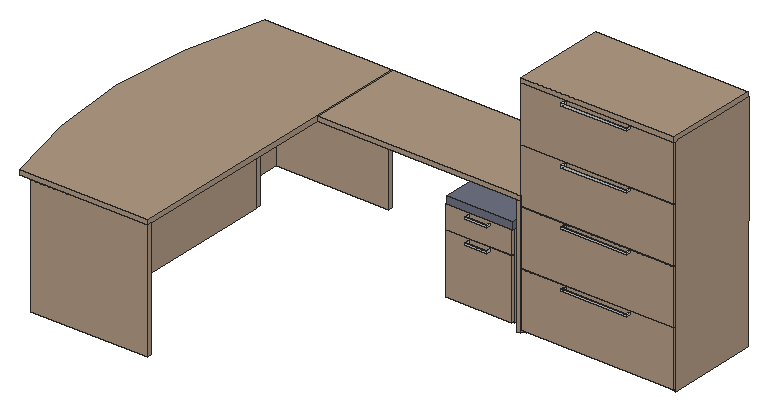
Revit family "T100065", category Furniture, Revit 2013
Parameters (values of type "T100065")
  Width = 72"
  URL = "http://www.ofsbrands.com/"
  Top Core Material = OFS BRANDS STACKS Top Core Wood
  Roll Material = OFS BRANDS STACKS Roll Plastic
  Pull Material = OFS BRANDS STACKS Pull Metal
  Model = "T100065"
  Manufacturer = "FIRST OFFICE"
  Lock Material = OFS BRANDS STACKSLock Metal
  Height = 54"
  Glides Material = OFS BRANDS STACKS Glide Plastic
  Feet Material = OFS BRANDS STACKS Feet Metal
  Drawer Front Material = OFS BRANDS STACKS Drawer Front Wood
  Description = "OFS BRANDS FIRST OFFICE STACKS TYPICAL T100065"
  Depth = 120"
  Cushion Material = OFS BRANDS STACKS Cushion Fabric
  Copyright © = "© 2018 OFS BRANDS"
  Conector Clip Material = OFS BRANDS STACKS Conector Clip Metal
  Chassis Material = OFS BRANDS STACKS Chassis Wood
  Catalog = "http://ofsbrands.com/products/casegoods/private-office/staks-private-office"
  Grommet  Material = OFS BRANDS STACKS Grommet Metal
  Back Coverage Material = OFS BRANDS STACKS Back Coverage Plastic
  Authoring Version = "Autodesk Revit Architecture 2013"
  Assembly Code = "E2020200"
Reference planes (in)
  plane 1 "Center (Front/Back)": y = 0
  plane 2: z = 0
  plane 3 "Center (Left/Right)": x = 0
Forms (in)
  Extrusion 1, solid, material "OFS BRANDS STACKS Drawer Front Wood" <- "Drawer Front Material"
    sketch origin (62.60439, 16.24707, -6.96875) x (1, 0, 0) y (0, 0, -1)
      loop
        line (-59.97733, -27.3125) -> (-44.47733, -27.3125) -> (-44.47733, -21.96875) -> (-59.97733, -21.96875) -> (-59.97733, -27.3125)
    from -1.3075 to -0.5575
  Extrusion 2, solid, material "OFS BRANDS STACKS Pull Metal" <- "Pull Material"
    sketch origin (47.43457, -14.24213, -9.537) x (1, 0, 0) y (0, 1, 0)
      loop
        line (-39.43501, 29.18171) -> (-39.68501, 29.18171) -> (-39.68501, 28.17671) -> (-34.43501, 28.17671) -> (-34.43501, 29.18171) -> (-34.68501, 29.18171) -> (-34.68501, 28.42671) -> (-39.43501, 28.42671) -> (-39.43501, 29.18171)
    from 28.9745 to 29.4745
  Extrusion 3, solid, material "OFS BRANDS STACKS Drawer Front Wood" <- "Drawer Front Material"
    sketch origin (62.60439, 16.24707, -12.4375) x (1, 0, 0) y (0, 0, -1)
      loop
        line (-59.97733, -27.3125) -> (-44.47733, -27.3125) -> (-44.47733, -13.1875) -> (-59.97733, -13.1875) -> (-59.97733, -27.3125)
    from -1.3075 to -0.5575
  Extrusion 4, solid, material "OFS BRANDS STACKS Pull Metal" <- "Pull Material"
    sketch origin (47.43457, -14.24213, -15.00575) x (1, 0, 0) y (0, 1, 0)
      loop
        line (-39.43501, 29.18171) -> (-39.68501, 29.18171) -> (-39.68501, 28.17671) -> (-34.43501, 28.17671) -> (-34.43501, 29.18171) -> (-34.68501, 29.18171) -> (-34.68501, 28.42671) -> (-39.43501, 28.42671) -> (-39.43501, 29.18171)
    from 28.9745 to 29.4745
  Extrusion 5, solid, material "OFS BRANDS STACKS Chassis Wood" <- "Chassis Material"
    sketch origin (24.29689, 34.62708, 0) x (1, 0, 0) y (0, 0, -1)
      loop
        line (-7.10733, -0.5) -> (-20.73233, -0.5) -> (-20.73233, -20.4375) -> (-7.10733, -20.4375) -> (-7.10733, -0.5)
    from -1.1875 to -0.1875
  Extrusion 6, solid, material "OFS BRANDS STACKS Chassis Wood" <- "Chassis Material"
    sketch origin (18.37705, 13.70724, 0) x (0, -1, 0) y (0, 0, -1)
      loop
        line (-1.98233, -0.5) -> (-20.73233, -0.5) -> (-20.73233, -20.4375) -> (-1.98233, -20.4375) -> (-1.98233, -0.5)
    from -1.1875 to -0.1875
  Extrusion 7, solid, material "OFS BRANDS STACKS Roll Plastic" <- "Roll Material"
    sketch origin (16.25108, 36.79335, 29.4745) x (0, 1, 0) y (0, 0, -1)
      loop
        circle (-19.32729, 28.53442) r 0.94008
    from -0.75 to 0.78386
  Extrusion 8, solid, material "OFS BRANDS STACKS Roll Plastic" <- "Roll Material"
    sketch origin (16.25108, 36.79335, 29.4745) x (0, 1, 0) y (0, 0, -1)
      loop
        arc (-18.30139, 28.55034) -> (-18.56665, 27.84584) -> (-19.24135, 27.51201) r 1.02602
        line (-19.24135, 27.51201) -> (-19.24135, 27.59827)
        arc (-19.24135, 27.59827) -> (-19.32729, 27.59434) -> (-19.41323, 27.59827) r 0.94008
        line (-19.41323, 27.59827) -> (-19.41323, 27.51201)
        arc (-19.41323, 27.51201) -> (-20.08257, 27.83996) -> (-20.35331, 28.53442) r 1.02602
        line (-20.35331, 28.53442) -> (-20.43925, 28.53442)
        arc (-20.43925, 28.53442) -> (-20.14338, 27.77914) -> (-19.41323, 27.42579) r 1.11196
        line (-19.41323, 27.42579) -> (-19.41323, 27.09434) -> (-19.24135, 27.09434) -> (-19.24135, 27.42579)
        arc (-19.24135, 27.42579) -> (-18.50581, 27.785) -> (-18.21545, 28.55034) r 1.11196
        line (-18.21545, 28.55034) -> (-18.30139, 28.55034)
    from -0.56728 to 0.61508
  Extrusion 9, solid, material "OFS BRANDS STACKS Cushion Fabric" <- "Cushion Material"
    sketch origin (29.27392, -28.63129, 18.9375) x (-1, 0, 0) y (0, 1, 0)
      loop
        line (26.70937, 43.69586) -> (26.70937, 63.07086) -> (11.08437, 63.07087) -> (11.08437, 43.69587) -> (26.70937, 43.69586)
    from -3 to -1.5
  Extrusion 10, solid, material "OFS BRANDS STACKS Roll Plastic" <- "Roll Material"
    sketch origin (4.52352, 36.79332, 29.4745) x (0, 1, 0) y (0, 0, 1)
      loop
        circle (-19.32729, -28.53442) r 0.94008
    from -0.75 to 0.78386
  Extrusion 11, solid, material "OFS BRANDS STACKS Roll Plastic" <- "Roll Material"
    sketch origin (4.52352, 36.79332, 29.4745) x (0, 1, 0) y (0, 0, 1)
      loop
        line (-18.30139, -28.55034) -> (-18.21545, -28.55034)
        arc (-18.21545, -28.55034) -> (-18.50581, -27.785) -> (-19.24135, -27.42579) r 1.11196
        line (-19.24135, -27.42579) -> (-19.24135, -27.09434) -> (-19.41323, -27.09434) -> (-19.41323, -27.42579)
        arc (-19.41323, -27.42579) -> (-20.14338, -27.77914) -> (-20.43925, -28.53442) r 1.11196
        line (-20.43925, -28.53442) -> (-20.35331, -28.53442)
        arc (-20.35331, -28.53442) -> (-20.08257, -27.83996) -> (-19.41323, -27.51201) r 1.02602
        line (-19.41323, -27.51201) -> (-19.41323, -27.59827)
        arc (-19.41323, -27.59827) -> (-19.32729, -27.59434) -> (-19.24135, -27.59827) r 0.94008
        line (-19.24135, -27.59827) -> (-19.24135, -27.51201)
        arc (-19.24135, -27.51201) -> (-18.56665, -27.84584) -> (-18.30139, -28.55034) r 1.02602
    from -0.56728 to 0.61508
  Extrusion 12, solid, material "OFS BRANDS STACKS Roll Plastic" <- "Roll Material"
    sketch origin (4.50303, 36.79335, 29.4745) x (0, 1, 0) y (0, 0, 1)
      loop
        circle (-19.32729, -28.53442) r 0.94008
    from -0.75 to 0.78386
  Extrusion 13, solid, material "OFS BRANDS STACKS Roll Plastic" <- "Roll Material"
    sketch origin (4.50303, 36.79335, 29.4745) x (0, 1, 0) y (0, 0, 1)
      loop
        line (-18.30139, -28.55034) -> (-18.21545, -28.55034)
        arc (-18.21545, -28.55034) -> (-18.50581, -27.785) -> (-19.24135, -27.42579) r 1.11196
        line (-19.24135, -27.42579) -> (-19.24135, -27.09434) -> (-19.41323, -27.09434) -> (-19.41323, -27.42579)
        arc (-19.41323, -27.42579) -> (-20.14338, -27.77914) -> (-20.43925, -28.53442) r 1.11196
        line (-20.43925, -28.53442) -> (-20.35331, -28.53442)
        arc (-20.35331, -28.53442) -> (-20.08257, -27.83996) -> (-19.41323, -27.51201) r 1.02602
        line (-19.41323, -27.51201) -> (-19.41323, -27.59827)
        arc (-19.41323, -27.59827) -> (-19.32729, -27.59434) -> (-19.24135, -27.59827) r 0.94008
        line (-19.24135, -27.59827) -> (-19.24135, -27.51201)
        arc (-19.24135, -27.51201) -> (-18.56665, -27.84584) -> (-18.30139, -28.55034) r 1.02602
    from -0.56728 to 0.61508
  Extrusion 14, solid, material "OFS BRANDS STACKS Roll Plastic" <- "Roll Material"
    sketch origin (16.25108, 12.7108, 29.4745) x (0, -1, 0) y (0, 0, 1)
      loop
        circle (-19.32729, -28.53442) r 0.94008
    from -0.75 to 0.78386
  Extrusion 15, solid, material "OFS BRANDS STACKS Roll Plastic" <- "Roll Material"
    sketch origin (16.25108, 12.7108, 29.4745) x (0, -1, 0) y (0, 0, 1)
      loop
        line (-18.30139, -28.55034) -> (-18.21545, -28.55034)
        arc (-18.21545, -28.55034) -> (-18.50581, -27.785) -> (-19.24135, -27.42579) r 1.11196
        line (-19.24135, -27.42579) -> (-19.24135, -27.09434) -> (-19.41323, -27.09434) -> (-19.41323, -27.42579)
        arc (-19.41323, -27.42579) -> (-20.14338, -27.77914) -> (-20.43925, -28.53442) r 1.11196
        line (-20.43925, -28.53442) -> (-20.35331, -28.53442)
        arc (-20.35331, -28.53442) -> (-20.08257, -27.83996) -> (-19.41323, -27.51201) r 1.02602
        line (-19.41323, -27.51201) -> (-19.41323, -27.59827)
        arc (-19.41323, -27.59827) -> (-19.32729, -27.59434) -> (-19.24135, -27.59827) r 0.94008
        line (-19.24135, -27.59827) -> (-19.24135, -27.51201)
        arc (-19.24135, -27.51201) -> (-18.56665, -27.84584) -> (-18.30139, -28.55034) r 1.02602
    from -0.56728 to 0.61508
  Extrusion 16, solid, material "OFS BRANDS STACKS Roll Plastic" <- "Roll Material"
    sketch origin (4.50303, 12.7108, 29.4745) x (0, -1, 0) y (0, 0, -1)
      loop
        circle (-19.32729, 28.53442) r 0.94008
    from -0.75 to 0.78386
  Extrusion 17, solid, material "OFS BRANDS STACKS Roll Plastic" <- "Roll Material"
    sketch origin (4.50303, 12.7108, 29.4745) x (0, -1, 0) y (0, 0, -1)
      loop
        arc (-18.30139, 28.55034) -> (-18.56665, 27.84584) -> (-19.24135, 27.51201) r 1.02602
        line (-19.24135, 27.51201) -> (-19.24135, 27.59827)
        arc (-19.24135, 27.59827) -> (-19.32729, 27.59434) -> (-19.41323, 27.59827) r 0.94008
        line (-19.41323, 27.59827) -> (-19.41323, 27.51201)
        arc (-19.41323, 27.51201) -> (-20.08257, 27.83996) -> (-20.35331, 28.53442) r 1.02602
        line (-20.35331, 28.53442) -> (-20.43925, 28.53442)
        arc (-20.43925, 28.53442) -> (-20.14338, 27.77914) -> (-19.41323, 27.42579) r 1.11196
        line (-19.41323, 27.42579) -> (-19.41323, 27.09434) -> (-19.24135, 27.09434) -> (-19.24135, 27.42579)
        arc (-19.24135, 27.42579) -> (-18.50581, 27.785) -> (-18.21545, 28.55034) r 1.11196
        line (-18.21545, 28.55034) -> (-18.30139, 28.55034)
    from -0.56728 to 0.61508
  Extrusion 18, solid, material "OFS BRANDS STACKS Chassis Wood" <- "Chassis Material"
    sketch origin (2.37705, 13.70724, 0) x (0, -1, 0) y (0, 0, 1)
      loop
        line (-1.98233, 0.5) -> (-1.98233, 20.4375) -> (-20.73233, 20.4375) -> (-20.73233, 0.5) -> (-1.98233, 0.5)
    from -1.1875 to -0.1875
  Extrusion 19, solid, material "OFS BRANDS STACKS Chassis Wood" <- "Chassis Material"
    sketch origin (-46.07556, -57.66632, -8.30733) x (1, 0, 0) y (0, 1, 0)
      loop
        line (49.64011, 73.35589) -> (63.26511, 73.35589) -> (63.26511, 91.10589) -> (49.64011, 91.10589) -> (49.64011, 73.35589)
    from 10.6875 to 11.75
  Extrusion 20, solid, material "OFS BRANDS STACKS Top Core Wood" <- "Top Core Material"
    sketch origin (-180.11051, 28.33743, 0) x (0, 1, 0) y (-1, 0, 0)
      loop
        line (7.66257, -153.11051) -> (7.66257, -123.11052)
        arc (7.66257, -123.11052) -> (-28.33743, -117.1105) -> (-64.33743, -123.11051) r 110.99981
        line (-64.33743, -123.11051) -> (-64.33743, -153.11051) -> (7.66257, -153.11051)
    from 27.875 to 29.00005
  Extrusion 21, solid, material "OFS BRANDS STACKS Conector Clip Metal" <- "Conector Clip Material"
    sketch origin (-10.93254, -12.46663, 0) x (0, -1, 0) y (1, 0, 0)
      loop
        line (-31.96319, -13.58917) -> (-31.96319, -17.58917) -> (-27.96319, -17.58917) -> (-27.96319, -13.58917) -> (-31.96319, -13.58917)
    from 27.8125 to 27.875
  Extrusion 22, solid, material "OFS BRANDS STACKS Top Core Wood" <- "Top Core Material"
    sketch origin (126.11051, 28.33743, 0) x (0, 1, 0) y (-1, 0, 0)
      loop
        line (7.66257, 153.11051) -> (-14.33743, 153.11051) -> (-14.33743, 105.11051) -> (7.66257, 105.11051) -> (7.66257, 153.11051)
    from 27.875 to 29.00005
  Extrusion 23, solid, material "OFS BRANDS STACKS Chassis Wood" <- "Chassis Material"
    sketch origin (-26.83396, 34.77662, -50.12505) x (1, 0, 0) y (0, 0, 1)
      loop
        line (-0.16602, 50.12505) -> (-0.16602, 78.00005) -> (-27.66601, 78.00005) -> (-27.66601, 50.12505) -> (-0.16602, 50.12505)
    from -1.22337 to -0.16087
  Extrusion 24, solid, material "OFS BRANDS STACKS Chassis Wood" <- "Chassis Material"
    sketch origin (-53.2766, 8.33398, -50.12505) x (0, -1, 0) y (0, 0, -1)
      loop
        line (-13.10351, -50.12505) -> (-26.60351, -50.12505) -> (-26.60351, -78.00005) -> (-13.10351, -78.00005) -> (-13.10351, -50.12505)
    from -1.22337 to -0.16087
  Extrusion 25, solid, material "OFS BRANDS STACKS Chassis Wood" <- "Chassis Material"
    sketch origin (-26.83396, 21.59837, -50.12505) x (1, 0, 0) y (0, 0, -1)
      loop
        line (-19.66601, -50.12505) -> (-27.66601, -50.12505) -> (-27.66601, -78.00005) -> (-19.66601, -78.00005) -> (-19.66601, -50.12505)
    from -1.22337 to -0.16087
  Extrusion 26, solid, material "OFS BRANDS STACKS Conector Clip Metal" <- "Conector Clip Material"
    sketch origin (-10.93254, 62.13649, 0) x (0, 1, 0) y (-1, 0, 0)
      loop
        line (-31.96319, 13.58917) -> (-27.96319, 13.58917) -> (-27.96319, 17.58917) -> (-31.96319, 17.58917) -> (-31.96319, 13.58917)
    from 27.8125 to 27.875
  Extrusion 27, solid, material "OFS BRANDS STACKS Chassis Wood" <- "Chassis Material"
    sketch origin (-26.83396, -34.77663, -50.12505) x (1, 0, 0) y (0, 0, -1)
      loop
        line (-0.16602, -50.12505) -> (-27.66601, -50.12505) -> (-27.66601, -78.00005) -> (-0.16602, -78.00005) -> (-0.16602, -50.12505)
    from -1.22337 to -0.16087
  Extrusion 28, solid, material "OFS BRANDS STACKS Chassis Wood" <- "Chassis Material"
    sketch origin (-53.2766, -8.33399, -50.12505) x (0, 1, 0) y (0, 0, 1)
      loop
        line (-13.10351, 50.12505) -> (-13.10351, 78.00005) -> (-26.60351, 78.00005) -> (-26.60351, 50.12505) -> (-13.10351, 50.12505)
    from -1.22337 to -0.16087
  Extrusion 29, solid, material "OFS BRANDS STACKS Chassis Wood" <- "Chassis Material"
    sketch origin (-26.83396, -21.59837, -50.12505) x (1, 0, 0) y (0, 0, 1)
      loop
        line (-19.66601, 50.12505) -> (-19.66601, 78.00005) -> (-27.66601, 78.00005) -> (-27.66601, 50.12505) -> (-19.66601, 50.12505)
    from -1.22337 to -0.16087
  Extrusion 30, solid, material "OFS BRANDS STACKS Chassis Wood" <- "Chassis Material"
    sketch origin (-46.05402, 6.22851, -50.12505) x (0, 1, 0) y (0, 0, 1)
      loop
        line (13.65251, 50.12505) -> (13.65251, 78.00005) -> (-26.60351, 78.00005) -> (-26.60351, 50.12505) -> (13.65251, 50.12505)
    from -1.16087 to -0.16087
  Extrusion 31, solid, material "OFS BRANDS STACKS Chassis Wood" <- "Chassis Material"
    sketch origin (-6.60351, 34.77662, -50.12505) x (-1, 0, 0) y (0, 0, -1)
      loop
        line (-14.48537, -50.12505) -> (-27.66601, -50.12505) -> (-27.66601, -78.00005) -> (-14.48537, -78.00005) -> (-14.48537, -50.12505)
    from -1.22337 to -0.22943
  Extrusion 32, solid, material "OFS BRANDS STACKS Chassis Wood" <- "Chassis Material"
    sketch origin (19.83913, 8.33398, -50.12505) x (0, -1, 0) y (0, 0, 1)
      loop
        line (-5.66602, 50.12505) -> (-5.66602, 78.00005) -> (-26.67207, 78.00005) -> (-26.67207, 50.12505) -> (-5.66602, 50.12505)
    from -1.22337 to -0.16087
  Extrusion 33, solid, material "OFS BRANDS STACKS Chassis Wood" <- "Chassis Material"
    sketch origin (55.7765, 43.29966, 0) x (0, 1, 0) y (0, 0, -1)
      loop
        line (-7.29966, 0) -> (-28.54966, 0) -> (-28.54966, -52.87519) -> (-7.29966, -52.87519) -> (-7.29966, 0)
    from -1.2235 to -0.4735
  Extrusion 34, solid, material "OFS BRANDS STACKS Chassis Wood" <- "Chassis Material"
    sketch origin (-5.68617, 37.05751, -55.52568) x (-1, 0, 0) y (0, 0, 1)
      loop
        line (-61.93601, 108.33817) -> (-61.93601, 56.02568) -> (-27.40014, 56.02568) -> (-27.40014, 108.33817) -> (-61.93601, 108.33817)
    from -1.74502 to -1.05751
  Extrusion 35, solid, material "OFS BRANDS STACKS Chassis Wood" <- "Chassis Material"
    sketch origin (-5.68617, 76.36942, -0.55751) x (0, 1, 0) y (1, 0, 0)
      loop
        line (-61.61942, 61.93601) -> (-61.61942, 27.40014) -> (-41.05692, 27.40014) -> (-41.05692, 61.93601) -> (-61.61942, 61.93601)
    from -1.80752 to -1.05751
  Extrusion 36, solid, material "OFS BRANDS STACKS Drawer Front Wood" <- "Drawer Front Material"
    sketch origin (10.34974, 15.11749, -62.49995) x (-1, 0, 0) y (0, 0, 1)
      loop
        line (-46.5876, 76.12495) -> (-46.5876, 63.12495) -> (-10.7126, 63.12495) -> (-10.7126, 76.12495) -> (-46.5876, 76.12495)
    from -1.1175 to -0.3675
  Extrusion 37, solid, material "OFS BRANDS STACKS Pull Metal" <- "Pull Material"
    sketch origin (6.87733, -15.05671, -16.06825) x (-1, 0, 0) y (0, -1, 0)
      loop
        line (-39.49751, -29.05671) -> (-39.49751, -28.24421) -> (-24.74939, -28.24421) -> (-24.74939, -29.05671) -> (-24.37251, -29.05671) -> (-24.37251, -28.05671) -> (-39.87251, -28.05671) -> (-39.87251, -29.05671) -> (-39.49751, -29.05671)
    from 28.9745 to 29.4433
  Extrusion 38, solid, material "OFS BRANDS STACKS Chassis Wood" <- "Chassis Material"
    sketch origin (20.5265, 43.29966, 0) x (0, 1, 0) y (0, 0, -1)
      loop
        line (-7.29966, 0) -> (-28.54966, 0) -> (-28.54966, -52.87519) -> (-7.29966, -52.87519) -> (-7.29966, 0)
    from -1.2235 to -0.4735
  Extrusion 39, solid, material "OFS BRANDS STACKS Chassis Wood" <- "Chassis Material"
    sketch origin (-5.68617, 76.36942, 54.44249) x (0, 1, 0) y (1, 0, 0)
      loop
        line (-62.36942, 62.68617) -> (-62.36942, 26.68617) -> (-40.36942, 26.68617) -> (-40.36942, 62.68617) -> (-62.36942, 62.68617)
    from 0.44249 to 1.56746
  Extrusion 40, solid, material "OFS BRANDS STACKS Drawer Front Wood" <- "Drawer Front Material"
    sketch origin (10.34974, 15.11749, -49.4375) x (-1, 0, 0) y (0, 0, 1)
      loop
        line (-46.5876, 76.12495) -> (-46.5876, 63.1875) -> (-10.7126, 63.1875) -> (-10.7126, 76.12495) -> (-46.5876, 76.12495)
    from -1.1175 to -0.3675
  Extrusion 41, solid, material "OFS BRANDS STACKS Pull Metal" <- "Pull Material"
    sketch origin (6.87733, -15.05671, -3.0058) x (-1, 0, 0) y (0, -1, 0)
      loop
        line (-39.49751, -29.05671) -> (-39.49751, -28.24421) -> (-24.74939, -28.24421) -> (-24.74939, -29.05671) -> (-24.37251, -29.05671) -> (-24.37251, -28.05671) -> (-39.87251, -28.05671) -> (-39.87251, -29.05671) -> (-39.49751, -29.05671)
    from 28.9745 to 29.4433
  Extrusion 42, solid, material "OFS BRANDS STACKS Drawer Front Wood" <- "Drawer Front Material"
    sketch origin (10.34974, 15.11749, -36.37495) x (-1, 0, 0) y (0, 0, 1)
      loop
        line (-46.5876, 76.12495) -> (-46.5876, 63.1875) -> (-10.7126, 63.1875) -> (-10.7126, 76.12495) -> (-46.5876, 76.12495)
    from -1.1175 to -0.3675
  Extrusion 43, solid, material "OFS BRANDS STACKS Pull Metal" <- "Pull Material"
    sketch origin (6.87733, -15.05671, 10.05675) x (-1, 0, 0) y (0, -1, 0)
      loop
        line (-39.49751, -29.05671) -> (-39.49751, -28.24421) -> (-24.74939, -28.24421) -> (-24.74939, -29.05671) -> (-24.37251, -29.05671) -> (-24.37251, -28.05671) -> (-39.87251, -28.05671) -> (-39.87251, -29.05671) -> (-39.49751, -29.05671)
    from 28.9745 to 29.4433
  Extrusion 44, solid, material "OFS BRANDS STACKS Drawer Front Wood" <- "Drawer Front Material"
    sketch origin (10.34974, 15.11749, -23.3125) x (-1, 0, 0) y (0, 0, 1)
      loop
        line (-46.5876, 76.12495) -> (-46.5876, 63.1875) -> (-10.7126, 63.1875) -> (-10.7126, 76.12495) -> (-46.5876, 76.12495)
    from -1.1175 to -0.3675
  Extrusion 45, solid, material "OFS BRANDS STACKS Pull Metal" <- "Pull Material"
    sketch origin (6.87733, -15.05671, 23.1192) x (-1, 0, 0) y (0, -1, 0)
      loop
        line (-39.49751, -29.05671) -> (-39.49751, -28.24421) -> (-24.74939, -28.24421) -> (-24.74939, -29.05671) -> (-24.37251, -29.05671) -> (-24.37251, -28.05671) -> (-39.87251, -28.05671) -> (-39.87251, -29.05671) -> (-39.49751, -29.05671)
    from 28.9745 to 29.4433
Dimensions and locks (in)
  aligned and locked: level to plane 2
